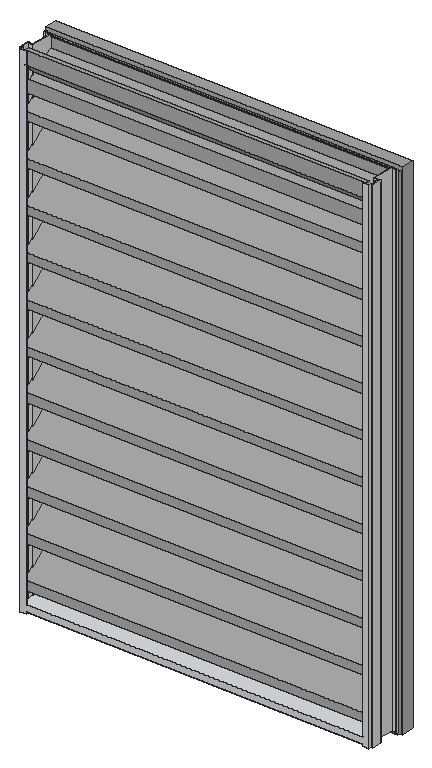
Revit family
Parameters
  Weight = "4 lb/sq.ft."  # constant formula
  Warranty = "All materials and workmanship are warranted for a period of 1 year from date of completion."  # constant formula
  URL = "http://www.industriallouvers.com"
  Surface Finish = "Aluminum, Anodized, or Kynar finish"  # constant formula
  Support Material = Aluminum
  Subcategory = "Fixed Extruded Non-Drainable "  # constant formula
  Static Pressure Loss = ".15\" of water gage @ an air flow of 914.6 FPM free area velocity"
  Specifications  URL = "http://www.industriallouvers.com/downloads/Extruded%20Non-Drainable/450XP_SD%20(New).doc"
  Screen Material = Screen Material
  SMARTBIM URL = "http://www.SMARTBIM.com"
  SMARTBIM Object Version = 3  # constant formula
  SMARTBIM Object Created By = "SMARTBIM, LLC"  # constant formula
  SMARTBIM Contact = "mailto:SMARTBIM@SMARTBIM.com"
  Product Submittal URL = "http://www.industriallouvers.com/downloads/Extruded%20Non-Drainable/450XP_PS.pdf"
  Product Page URL = "http://www.industriallouvers.com/lv_fend.php"
  Number of Blades [instance] = (Louver Height - 0' 5 1/2") / 0' 5"  # 11
  Model = "450XP"  # constant formula
  Minimum Height = 1' - 0"  # constant formula
  Maximum Water Penetration = ".01 oz at an air flow of 903.1 FPM"  # constant formula
  Maximum Size - Single Section [instance] = "One dimension not to exceed 78\" or 300 lbs"
  Material = "Aluminum"  # constant formula
  Manufacturer Toll Free Phone = "1-800-328-3421"  # constant formula
  Manufacturer Phone = "763-972-2981"  # constant formula
  Manufacturer Fax = "763-972-2911"  # constant formula
  Manufacturer Email = "mailto:ilinfo@industriallouvers.com"
  Manufacturer Address = "511 S. 7th Street, Delano, MN 55328"  # constant formula
  Manufacturer = "Industrial Louvers, Inc."  # constant formula
  Maintenance = "http://www.industriallouvers.com/prod-forms/Maintenance%20Instructions.pdf"
  Louver Width [instance] = 3' - 6"
  Louver Height [instance] = 5' - 0"
  Installation URL = "http://www.industriallouvers.com/downloads/Extruded%20Non-Drainable/450XP_II.pdf"
  Height [instance] = if(Louver Height < 1' 0", 1' 0", Louver Height)  # 5' - 0"
  Free Area for 48”x48” Louver = "51.1%"  # constant formula
  Free Area (ft²) for 48" x 48" Louver = "8.17"  # constant formula
  Frame Material = Aluminum
  Description = "Fixed Extruded Non-Drainable "  # constant formula
  Depth = 0' - 4"  # constant formula
  Default Elevation = 4' - 0"
  Cost Info = "Contact Factory"  # constant formula
  CAD Drawings = "http://www.industriallouvers.com/downloads/Extruded%20Non-Drainable/450XP_ACD.dwg"
  Blade Width [instance] = Louver Width - 0' 1 1/2"  # 3' - 4 1/2"
  Blade Start Height [instance] = (Louver Height - 0' 4 1/2" - Blade Region Height) / 2  # 0' - 2 3/4"
  Blade Region Height [instance] = (Blade Count - 1) * 0' 5"  # 4' - 2"
  Blade Material = Aluminum
  Blade Count [instance] = if(((Louver Height - 0' 5 1/2") / 0' 5") < 2, 2, (Louver Height - 0' 5 1/2") / 0' 5")  # 11
  Assembly Code = "B2010300"
  95 CSI = "10200"  # constant formula
  04 CSI = "08 91 00"  # constant formula
Reference planes (in)
  plane 1 "Center (Front/Back)": y = 0
  plane 2: z = 0
  plane 3 "Center (Left/Right)": x = 0
  plane 4: x = -21
  plane 5: x = 21
  plane 6: x = -20.25
  plane 7: x = 20.25
  plane 8 "Back of Blade": y = 2
  plane 9: z = 2.75
  plane 10: z = 52.75
  plane 11: z = 60.5
  plane 12 "Back of Screen": y = 2.345
  plane 13: z = 59
  plane 14: z = 1.5
  plane 15: y = 2.47
  plane 16: z = 60.375
  plane 17: z = 0.125
  plane 18: y = 3.845
  plane 19 "Front of Louver": y = -2
  plane 20: z = 60.25
  plane 21: z = 0.25
  plane 22: z = 27.75
  plane 23: x = -21.25
  plane 24: x = 21.25
  plane 25: z = 60
Forms (in)
  Extrusion 1, solid, material "Aluminum" <- "Blade Material"
    sketch origin (0, -24, 12.25956) x (0, 1, 0) y (0, 0, 1)
      loop
        line (22.081, 45.00458) -> (22.081, 43.47297) -> (24.00309, 45.76363) -> (26, 46.49044) -> (26, 47.99044) -> (25.75, 47.99044) -> (25.75, 47.90944) -> (25.919, 47.90944) -> (25.919, 46.54716) -> (23.95499, 45.83232) -> (23.39548, 45.16551) -> (22.162, 46.39899) -> (22.162, 47.90944) -> (22.581, 47.90944) -> (22.581, 47.99044) -> (22.081, 47.99044) -> (22.081, 46.36544) -> (23.34321, 45.10323) -> (22.162, 43.69551) -> (22.162, 44.92358) -> (22.081, 45.00458)
    from -20.25 to 20.25
  Sweep 2, solid, material "Aluminum" <- "Support Material"
    path origin (0, 0, 0) x (1, 0, 0) y (0, 0, 1)
      loop
        line (-21.25, 60.5) -> (-21.25, 0) -> (21.25, 0) -> (21.25, 60.5) -> (-21.25, 60.5)
    profile origin (0, 0, 60.5) x (0, 0, 1) y (0, -1, 0)
      loop
        line (-1.5, -2.345) -> (-1.5, -2.47) -> (-0.125, -2.47) -> (-0.125, -3.845) -> (0, -3.845) -> (0, -2.345) -> (-1.5, -2.345)
  Extrusion 3, solid
    sketch origin (-10, 22.75594, 29.61826) x (1, 0, 0) y (0, 1, 0)
      loop
        line (30.331, -20.83694) -> (30.919, -20.83694) -> (30.919, -21.00594) -> (31, -21.00594) -> (31, -20.75594) -> (30.25, -20.75594) -> (30.25, -23.46894) -> (30.919, -23.46894) -> (30.919, -24.42494) -> (30.669, -24.42494) -> (30.669, -24.67494) -> (30, -24.67494) -> (30, -24.75594) -> (30.75, -24.75594) -> (30.75, -24.50594) -> (31, -24.50594) -> (31, -23.32994)
        arc (31, -23.32994) -> (30.97, -23.29994) -> (30.94, -23.32994) r 0.03
        line (30.94, -23.32994) -> (30.94, -23.38794) -> (30.331, -23.38794) -> (30.331, -20.83694)
    from -29.36826 to 30.63174
  Extrusion 4, solid
    sketch origin (10, -22.75594, 29.61826) x (-1, 0, 0) y (0, -1, 0)
      loop
        line (30.331, -24.67494) -> (30.331, -22.12394) -> (30.94, -22.12394) -> (30.94, -22.18194)
        arc (30.94, -22.18194) -> (30.97, -22.21194) -> (31, -22.18194) r 0.03
        line (31, -22.18194) -> (31, -21.00594) -> (30.75, -21.00594) -> (30.75, -20.75594) -> (30, -20.75594) -> (30, -20.83694) -> (30.669, -20.83694) -> (30.669, -21.08694) -> (30.919, -21.08694) -> (30.919, -22.04294) -> (30.25, -22.04294) -> (30.25, -24.75594) -> (31, -24.75594) -> (31, -24.50594) -> (30.919, -24.50594) -> (30.919, -24.67494) -> (30.331, -24.67494)
    from -29.36826 to 30.63174
  Extrusion 5, solid
    sketch origin (0, 10.4294, 0.25) x (0, 1, 0) y (0, 0, 1)
      loop
        line (-10.9944, 1.30065) -> (-9.79367, 1.62238) -> (-9.3574, 1.62238) -> (-9.3574, 1.73928) -> (-8.5104, 1.96624) -> (-8.5104, 0.081) -> (-8.6794, 0.081) -> (-8.6794, 0) -> (-8.4294, 0) -> (-8.4294, 4.39621) -> (-8.80856, 4.01705) -> (-8.69401, 4.01705) -> (-8.5104, 4.20066) -> (-8.5104, 2.05009) -> (-12.42934, 1.00002) -> (-12.42934, 0.25) -> (-12.1794, 0.25) -> (-12.1794, 0) -> (-11.6794, 0) -> (-11.6794, 0.081) -> (-12.0984, 0.081) -> (-12.0984, 0.331) -> (-12.3484, 0.331) -> (-12.3484, 0.91406)
        arc (-12.3484, 0.91406) -> (-12.34199, 0.93293) -> (-12.32542, 0.944) r 0.031
        line (-12.32542, 0.944) -> (-11.43067, 1.18375) -> (-10.9944, 1.18375) -> (-10.9944, 1.30065)
    from -20.25 to 20.25
Cuts and joins
  joined: Extrusion 3, Extrusion 4, Extrusion 5
Dimensions and locks (in)
  equal spacing: plane 4, plane 3 "Center (Left/Right)", plane 5
  "Louver Width": plane 4 to plane 5
  locked: plane 4 to plane 6 at 0.75
  locked: plane 7 to plane 5 at 0.75
  "Blade Start Height": plane 9 to level
  "Louver Height": plane 20 to plane 21
  locked: plane 18 to plane 12 "Back of Screen" at 1.5
  locked: plane 15 to plane 12 "Back of Screen" at 0.125
  locked: plane 11 to plane 13 at 1.5
  locked: plane 11 to plane 16 at 0.125
  locked: plane 17 to level at 0.125
  locked: plane 14 to level at 1.5
  locked: plane 12 "Back of Screen" to plane 8 "Back of Blade" at 0.345
  equal spacing: plane 8 "Back of Blade", plane 1 "Center (Front/Back)", plane 19 "Front of Louver"
  locked: plane 8 "Back of Blade" to plane 19 "Front of Louver" at 4
  locked: plane 11 to plane 20 at 0.25
  locked: plane 21 to level at 0.25
  equal spacing: group 1, group 3, group 4, group 5, group 6, group 7, group 8, group 9, group 10, group 11, group 2  (x3)
  locked: plane 23 to plane 4 at 0.25
  locked: plane 5 to plane 24 at 0.25
  equal spacing: plane 10, plane 22, plane 9
  locked: plane 11 to plane 25 at 0.5
  "Blade Region Height": plane 10 to plane 9
  aligned and locked: Sweep 2 sketch curve to plane 11
  aligned and locked: Sweep 2 sketch curve to level
  aligned and locked: Sweep 2 to plane 12 "Back of Screen"
  aligned and locked: nested 1 to plane 12 "Back of Screen"
  aligned and locked: nested 1 to plane 8 "Back of Blade"
  aligned and locked: nested 1 to level
  aligned and locked: plane 5 to Extrusion 3
  aligned and locked: Extrusion 4 to plane 4
  aligned: plane 11 to Extrusion 3
  aligned and locked: Extrusion 1 to plane 20
  aligned and locked: Extrusion 1 to plane 8 "Back of Blade"
  aligned and locked: Extrusion 1 to plane 6
  aligned and locked: plane 7 to Extrusion 1
  aligned: Extrusion 3 to level
  aligned: Extrusion 4 to level
  aligned: plane 11 to Extrusion 4
  aligned and locked: plane 3 "Center (Left/Right)" to nested 2
  aligned and locked: nested 2 to plane 8 "Back of Blade"
  aligned and locked: plane 9 to nested 2
  aligned and locked: plane 10 to nested 3
  aligned and locked: plane 3 "Center (Left/Right)" to nested 4
  aligned and locked: nested 4 to plane 8 "Back of Blade"
  aligned: plane 3 "Center (Left/Right)" to nested 1
  aligned and locked: plane 22 to nested 4
  aligned and locked: Extrusion 5 to plane 6
  aligned and locked: plane 7 to Extrusion 5
  aligned and locked: cut or joined group of Extrusion 3, Extrusion 4, Extrusion 5 to plane 20  (x2)
  aligned and locked: plane 21 to cut or joined group of Extrusion 3, Extrusion 4, Extrusion 5  (x2)
  aligned and locked: plane 23 to Sweep 2 sketch curve
  aligned and locked: plane 24 to Sweep 2 sketch curve
  aligned and locked: plane 25 to nested 1
  aligned and locked: plane 5 to nested 1
  aligned and locked: nested 1 to plane 4
Automatic sketch dimensions
  Extrusion 3 sketch curve to Extrusion 3 sketch curve = 0' - 0.081"  (x7)
  Extrusion 3 sketch curve to Extrusion 3 sketch curve = 0' - 0.169"  (x3)
  Extrusion 3 sketch curve to Extrusion 3 sketch curve = 0' - 0.588"
  Extrusion 3 sketch curve to Extrusion 3 sketch curve = 0' - 0.021"
  Extrusion 3 sketch curve to Extrusion 3 sketch curve = 0' - 0.03"
  Extrusion 3 sketch curve to Extrusion 3 sketch curve = 0' - 0.956"
  Extrusion 3 sketch curve to Extrusion 3 sketch curve = 0' - 0.058"
  Extrusion 3 sketch curve to Extrusion 3 sketch curve = 0' - 2.324"
  Extrusion 3 sketch curve to Extrusion 3 sketch curve = 0' - 0 1/4"
  Extrusion 3 sketch curve to Extrusion 3 sketch curve = 0' - 0.669"
  Extrusion 4 sketch curve to Extrusion 4 sketch curve = 0' - 0.081"  (x7)
  Extrusion 4 sketch curve to Extrusion 4 sketch curve = 0' - 0.169"  (x3)
  Extrusion 4 sketch curve to Extrusion 4 sketch curve = 0' - 0.588"
  Extrusion 4 sketch curve to Extrusion 4 sketch curve = 0' - 0.021"
  Extrusion 4 sketch curve to Extrusion 4 sketch curve = 0' - 0.03"
  Extrusion 4 sketch curve to Extrusion 4 sketch curve = 0' - 0.956"
  Extrusion 4 sketch curve to Extrusion 4 sketch curve = 0' - 0.058"
  Extrusion 4 sketch curve to Extrusion 4 sketch curve = 0' - 2.324"
  Extrusion 4 sketch curve to Extrusion 4 sketch curve = 0' - 0 1/4"
  Extrusion 4 sketch curve to Extrusion 4 sketch curve = 0' - 0.669"
  profile plane to Sweep 2 sketch curve = 0' - 0"
  Sweep 2 sketch curve to Sweep 2 sketch curve = 0' - 0 1/8"  (x2)
  Sweep 2 sketch curve to Sweep 2 sketch curve = 0' - 1 3/8"  (x2)
  Sweep 2 sketch curve to plane 1 "Center (Front/Back)" = 0' - 3.845"
  Extrusion 1 sketch curve to Extrusion 1 sketch curve = 0' - 0.081"  (x6)
  Extrusion 1 sketch curve to Extrusion 1 sketch curve = 0' - 0.419"
  Extrusion 1 sketch curve to Extrusion 1 sketch curve = 0' - 1.18121"
  Extrusion 1 sketch curve to Extrusion 1 sketch curve = 0' - 0.05226"
  Extrusion 1 sketch curve to Extrusion 1 sketch curve = 0' - 0.55951"
  Extrusion 1 sketch curve to Extrusion 1 sketch curve = 0' - 0.0481"
  Extrusion 1 sketch curve to Extrusion 1 sketch curve = 0' - 1.79501"
  Extrusion 1 sketch curve to Extrusion 1 sketch curve = 0' - 0.169"
  Extrusion 1 sketch curve to Extrusion 1 sketch curve = 0' - 0.22255"
  Extrusion 1 sketch curve to Extrusion 1 sketch curve = 0' - 1.22807"
  Extrusion 1 sketch curve to Extrusion 1 sketch curve = 0' - 0.17964"
  Extrusion 1 sketch curve to Extrusion 1 sketch curve = 0' - 0.06229"
  Extrusion 1 sketch curve to Extrusion 1 sketch curve = 0' - 0.59811"
  Extrusion 1 sketch curve to Extrusion 1 sketch curve = 0' - 0.06869"
  Extrusion 1 sketch curve to Extrusion 1 sketch curve = 0' - 1.36086"
  Extrusion 1 sketch curve to Extrusion 1 sketch curve = 0' - 0.03355"
  Extrusion 1 sketch curve to Extrusion 1 sketch curve = 0' - 0.72682"
  Extrusion 1 sketch curve to Extrusion 1 sketch curve = 0' - 0.05672"
  Extrusion 1 sketch curve to Extrusion 1 sketch curve = 0' - 1.51045"
  Extrusion 1 sketch curve to Extrusion 1 sketch curve = 0' - 1.36228"
  Extrusion 1 sketch curve to Extrusion 1 sketch curve = 0' - 1.87399"
  plane 20 to Extrusion 1 sketch curve = 0' - 0"
  Extrusion 1 sketch curve to plane 8 "Back of Blade" = 0' - 0"
  plane 19 "Front of Louver" to Extrusion 3 sketch curve = 0' - 0"
  Extrusion 3 sketch curve to plane 7 = 0' - 0"
  plane 19 "Front of Louver" to Extrusion 4 sketch curve = 0' - 0"
  Extrusion 4 sketch curve to plane 6 = 0' - 0"
  Extrusion 5 sketch curve to Extrusion 5 sketch curve = 0' - 0.08094"
  Extrusion 5 sketch curve to Extrusion 5 sketch curve = 0' - 0.02298"
  Extrusion 5 sketch curve to Extrusion 5 sketch curve = 0' - 0.00802"
  Extrusion 5 sketch curve to Extrusion 5 sketch curve = 0' - 0.169"  (x3)
  Extrusion 5 sketch curve to Extrusion 5 sketch curve = 0' - 0.081"  (x5)
  Extrusion 5 sketch curve to Extrusion 5 sketch curve = 0' - 0.419"
  Extrusion 5 sketch curve to Extrusion 5 sketch curve = 0' - 0.43627"  (x2)
  Extrusion 5 sketch curve to Extrusion 5 sketch curve = 0' - 0.54884"
  Extrusion 5 sketch curve to Extrusion 5 sketch curve = 0' - 0.11455"
  Extrusion 5 sketch curve to Extrusion 5 sketch curve = 0' - 0.678"
  Extrusion 5 sketch curve to Extrusion 5 sketch curve = 0' - 0 47/256"  (x2)
  Extrusion 5 sketch curve to Extrusion 5 sketch curve = 0' - 0.1169"  (x2)
  Extrusion 5 sketch curve to Extrusion 5 sketch curve = 0' - 0.08386"
  Extrusion 5 sketch curve to Extrusion 5 sketch curve = 0' - 0.19555"
  Extrusion 5 sketch curve to Extrusion 5 sketch curve = 0' - 0.89475"
  Extrusion 5 sketch curve to Extrusion 5 sketch curve = 0' - 1.20073"
  Extrusion 5 sketch curve to Extrusion 5 sketch curve = 0' - 0"
  Extrusion 5 sketch curve to Extrusion 5 sketch curve = 0' - 0.58306"
  Extrusion 5 sketch curve to Extrusion 5 sketch curve = 0' - 0.05601"
  Extrusion 5 sketch curve to Extrusion 5 sketch curve = 0' - 1.10275"
  Extrusion 5 sketch curve to Extrusion 5 sketch curve = 0' - 0.32173"
  Extrusion 5 sketch curve to Extrusion 5 sketch curve = 0' - 0.22695"
  Extrusion 5 sketch curve to Extrusion 5 sketch curve = 0' - 1.96696"
  Extrusion 5 sketch curve to plane 21 = 0' - 0"
  Extrusion 5 sketch curve to plane 8 "Back of Blade" = 0' - 0"
Nested families (in)
  nested 1: "Louver Screen" at (18, 2, 0), type "Louver Screen"
    with Width 3' - 6", Height 5' - 0", Depth 0' - 0.345"
  nested 2: "Louver-Blade_450XP_IndustrialLouver" at (0, 2, 2.75), type "Louver-Blade_450XP_IndustrialLouver"
    with Width 3' - 4 1/2"
  nested 3: "Louver-Blade_450XP_IndustrialLouver" at (0, 2, 52.75), type "Louver-Blade_450XP_IndustrialLouver"
    with Width 3' - 4 1/2"
  nested 4: "Louver-Blade_450XP_IndustrialLouver" at (0, 2, 27.75), type "Louver-Blade_450XP_IndustrialLouver", not visible
    with Width 3' - 4 1/2"
  nested 5: "Louver-Blade_450XP_IndustrialLouver" at (0, 2, 7.75), type "Louver-Blade_450XP_IndustrialLouver"
    with Width 3' - 4 1/2"
  nested 6: "Louver-Blade_450XP_IndustrialLouver" at (0, 2, 12.75), type "Louver-Blade_450XP_IndustrialLouver"
    with Width 3' - 4 1/2"
  nested 7: "Louver-Blade_450XP_IndustrialLouver" at (0, 2, 17.75), type "Louver-Blade_450XP_IndustrialLouver"
    with Width 3' - 4 1/2"
  nested 8: "Louver-Blade_450XP_IndustrialLouver" at (0, 2, 22.75), type "Louver-Blade_450XP_IndustrialLouver"
    with Width 3' - 4 1/2"
  nested 9: "Louver-Blade_450XP_IndustrialLouver" at (0, 2, 27.75), type "Louver-Blade_450XP_IndustrialLouver"
    with Width 3' - 4 1/2"
  nested 10: "Louver-Blade_450XP_IndustrialLouver" at (0, 2, 32.75), type "Louver-Blade_450XP_IndustrialLouver"
    with Width 3' - 4 1/2"
  nested 11: "Louver-Blade_450XP_IndustrialLouver" at (0, 2, 37.75), type "Louver-Blade_450XP_IndustrialLouver"
    with Width 3' - 4 1/2"
  nested 12: "Louver-Blade_450XP_IndustrialLouver" at (0, 2, 42.75), type "Louver-Blade_450XP_IndustrialLouver"
    with Width 3' - 4 1/2"
  nested 13: "Louver-Blade_450XP_IndustrialLouver" at (0, 2, 47.75), type "Louver-Blade_450XP_IndustrialLouver"
    with Width 3' - 4 1/2"
Connectors (in)
  hvac at (0, 2.345, 30), driven by "Louver Height", driven by "Louver Width"
    settings: on nested 1, index 1, duct flow 0 CFM, flow factor 0, pres drop 0.00 in-wg, loss coef 0, conn angle 0.00°, conn width 42", conn height 60", conn radius 12", duct sys type 1, conn prof type 1, flow config 0, flow direction 0, loss method 0, conn ref index -1, conn util no, is conn primary yes, conn desc ""
Definition of nested family "Louver Screen"
  Parameters (values of type "Louver Screen")
    Width [instance] = 2' - 0"
    Screen Frame = Aluminum
    Screen = Screen Material
    Height [instance] = 2' - 0"
    Depth [instance] = 0' - 0 115/256"
    Assembly Code = ""
  Reference planes (in)
    plane 1 "Front": y = 0
    plane 2: z = 0
    plane 3 "Center (Left/Right)": x = -18
    plane 4: x = -30
    plane 5: x = -6
    plane 6: z = 24
    plane 7: x = -29.25
    plane 8: x = -6.75
    plane 9: z = 23.25
    plane 10: z = 0.75
    plane 11 "Back": y = 0.44922
    plane 12 "Center (Front/Back)": y = 0.22461
    plane 13: y = 0.19336
    plane 14: y = 0.25586
  Forms (in)
    Sweep 1, solid, material "Aluminum" <- "Screen Frame"
      path origin (0, 0, 0) x (1, 0, 0) y (0, 0, 1)
        loop
          line (-30, 24) -> (-30, 0) -> (-6, 0) -> (-6, 24) -> (-30, 24)
      profile origin (-18, 0, 24) x (0, 0, 1) y (0, -1, 0)
        loop
          line (0, 0) -> (-0.75, 0) -> (-0.75, -0.44922) -> (0, -0.44922) -> (0, 0)
    Extrusion 2, solid, material "Screen Material" <- "Screen"
      sketch origin (0, 0, 0) x (1, 0, 0) y (0, 0, 1)
        loop
          line (-29.25, 0.75) -> (-6.75, 0.75) -> (-6.75, 23.25) -> (-29.25, 23.25) -> (-29.25, 0.75)
      from -0.19336 to -0.25586
  Dimensions and locks (in)
    equal spacing: plane 4, plane 3 "Center (Left/Right)", plane 5
    "Width": plane 4 to plane 5
    locked: Sweep 1 sketch curve to Sweep 1 sketch curve at 0.75
    locked: plane 6 to plane 9 at 0.75
    locked: plane 4 to plane 7 at 0.75
    locked: plane 5 to plane 8 at 0.75
    locked: plane 10 to level at 0.75
    "Depth": plane 1 "Front" to plane 11 "Back"
    equal spacing: plane 1 "Front", plane 12 "Center (Front/Back)", plane 11 "Back"
    plane 14 to plane 12 "Center (Front/Back)" to plane 13 = 0' - 0 1/32" locked, 0' - 0 1/32" locked
    "Height": plane 6 to plane 2
    aligned and locked: Sweep 1 sketch curve to plane 6
    aligned and locked: Sweep 1 sketch curve to plane 4
    aligned and locked: Sweep 1 sketch curve to level
    aligned and locked: Sweep 1 sketch curve to plane 5
    aligned and locked: Extrusion 2 sketch curve to plane 7
    aligned and locked: Extrusion 2 sketch curve to plane 9
    aligned and locked: Extrusion 2 sketch curve to plane 10
    aligned and locked: Extrusion 2 sketch curve to plane 8
    aligned and locked: plane 11 "Back" to Sweep 1
    aligned and locked: plane 1 "Front" to Sweep 1 sketch curve
    aligned and locked: plane 11 "Back" to Sweep 1 sketch curve
    aligned and locked: plane 14 to Extrusion 2
    aligned and locked: Extrusion 2 to plane 13
    aligned and locked: plane 2 to level
  Automatic sketch dimensions
    profile plane to Sweep 1 sketch curve = 0' - 0"
Definition of nested family "Louver-Blade_450XP_IndustrialLouver"
  Parameters (values of type "Louver-Blade_450XP_IndustrialLouver")
    Width = 4' - 10 1/2"
    Blade Material = Aluminum
    Assembly Code = ""
  Reference planes (in)
    plane 1 "Center (Front/Back)": y = 0
    plane 2: z = 0
    plane 3 "Center (Left/Right)": x = 0
    plane 4: x = -29.25
    plane 5: x = 29.25
    plane 6: z = 5.18269
    plane 7: z = 2.59135
  Forms (in)
    Extrusion 1, solid, material "Aluminum" <- "Blade Material"
      sketch origin (0, 0, 0) x (0, 1, 0) y (0, 0, 1)
        loop
          line (-0.081, 4.22046) -> (-3.919, 1) -> (-3.919, 0) -> (-3.838, 0.06797) -> (-3.838, 0.96223) -> (0, 4.18269) -> (0, 5.18269) -> (-0.20055, 4.94369) -> (-0.20055, 4.81767) -> (-0.081, 4.96015) -> (-0.081, 4.22046)
      from -29.25 to 29.25
  Dimensions and locks (in)
    equal spacing: plane 4, plane 3 "Center (Left/Right)", plane 5
    "Width": plane 4 to plane 5
    locked: plane 6 to level at 5.18269
    equal spacing: plane 6, plane 7, level
    aligned and locked: Extrusion 1 to plane 4
    aligned and locked: plane 5 to Extrusion 1
  Automatic sketch dimensions
    Extrusion 1 sketch curve to level = 0' - 0"
    Extrusion 1 sketch curve to plane 1 "Center (Front/Back)" = 0' - 0"
    plane 1 "Center (Front/Back)" to Extrusion 1 sketch curve = 0' - 0.081"
    Extrusion 1 sketch curve to Extrusion 1 sketch curve = 0' - 0.11955"
    level to Extrusion 1 sketch curve = 0' - 0.06797"
    plane 1 "Center (Front/Back)" to Extrusion 1 sketch curve = 0' - 3.838"
    Extrusion 1 sketch curve to Extrusion 1 sketch curve = 0' - 0.081"
    Extrusion 1 sketch curve to Extrusion 1 sketch curve = 0' - 0.89426"
    Extrusion 1 sketch curve to Extrusion 1 sketch curve = 0' - 0.03777"  (x2)
    level to Extrusion 1 sketch curve = 0' - 4.18269"
    Extrusion 1 sketch curve to Extrusion 1 sketch curve = 0' - 0.59721"
    Extrusion 1 sketch curve to Extrusion 1 sketch curve = 0' - 0.12601"
    Extrusion 1 sketch curve to Extrusion 1 sketch curve = 0' - 0.01646"
    Extrusion 1 sketch curve to Extrusion 1 sketch curve = 0' - 0.22255"
